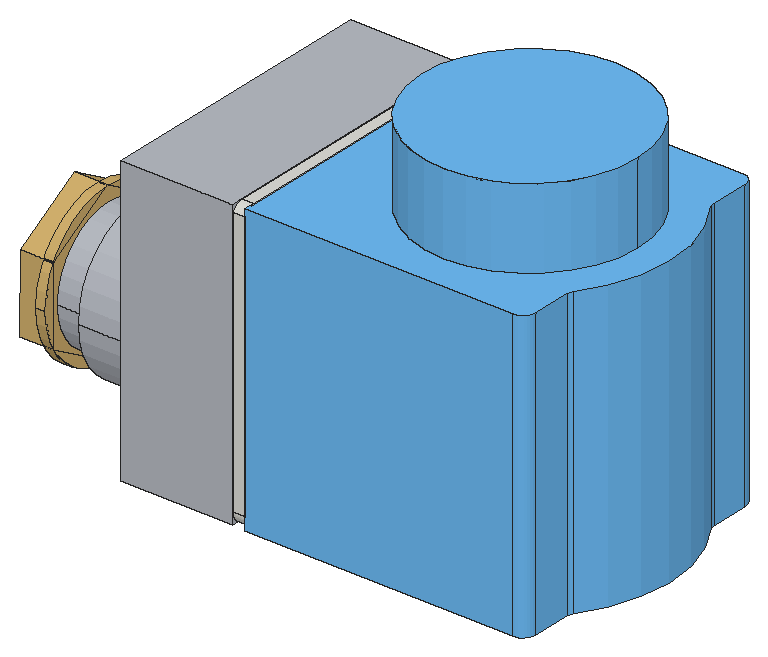
Revit family "BE Coil_RFA", category Pipe Accessories, Revit 2019
Family settings
  Round Connector Dimension = Use Diameter
  Part Type = Normal
  OmniClass Number = 23.65.55.14.17
  OmniClass Title = Adjusting/Controlling Valves for Liquid Services
  Work Plane-Based = No
  Always vertical = Yes
  Cut with Voids When Loaded = No
  Shared = Yes
Parameters (values of type "BE024AS_24V_AC_018F6707")
  Weight = 0.30 kg  # constant formula
  W = 45.5 mm  # constant formula
  Voltage [instance] = 24 V
  URL = "https://store.danfoss.com/en/Climate-Solutions-for-cooling/Valves/Valve-Coils/Coils-for-Solenoid-Valves/c/2220?q=%3Arelevance%3Adanfoss_producttypehierarchydesc%3ABE024AS%3Adanfoss_producttypehierarchydesc%3ABE230AS%3Adanfoss_producttypehierarchydesc%3ABE240AS%3Adanfoss_producttypehierarchydesc%3ABE110CS%3Adanfoss_producttypehierarchydesc%3ABE230CS%3Adanfoss_producttypehierarchydesc%3ABE024DS&text="
  Power [instance] = 21 VA
  Model Type = "BE024AS_24V_AC"
  Model = "018F6707"
  Min Ambient Temperature = "-40 °C"  # constant formula
  Max Ambient Temperature = "80 °C"
  Manufacturer = "Danfoss"  # constant formula
  LOD 350 [instance] = not(LOD 200)  # yes
  LOD 200 [instance] = no
  L1 = 53.2 mm  # constant formula
  L = 94.5 mm  # constant formula
  IfcExportType = "BE Coil"  # constant formula
  IfcExportAs = "IfcValveType"  # constant formula
  H = 58.5 mm  # constant formula
  Function = "NC/NO"
  Frequency = 50 Hz
  Description = "Solenoid Coil"  # constant formula
  Body Material = Danfoss Plastic Light Blue
Types (7, lengths in mm): name | Voltage | Power | Model Type | Model | Max Ambient Temperature | Frequency
  (no name) | 24 V | 21 VA | "BE024AS_24V_AC" | "018F6707" | "80 °C" | 50 Hz
  BE230AS_230V_AC_018F6701 | 230 V | 22 VA | "BE230AS_230V_AC" | "018F6701" | "80 °C" | 50 Hz
  BE024AS_24V_AC_018F6707 | 24 V | 21 VA | "BE024AS_24V_AC" | "018F6707" | "80 °C" | 50 Hz
  BE110CS_110V_AC_018F6730 | 110 V | 28 VA | "BE110CS_110V_AC" | "018F6730" | "50 °C" | 50 Hz
  BE024DS_24V_DC_018F6757 | 24 V | 16 VA | "BE024DS_24V_DC" | "018F6757" | "50 °C" | 0 Hz
  BE240AS_240V_AC_018F6702 | 240 V | 19 VA | "BE240AS_240V_AC" | "018F6702" | "80 °C" | 50 Hz
  BE230CS_230V_AC_018F6732 | 230 V | 31 VA | "BE230CS_230V_AC" | "018F6732" | "50 °C" | 50 Hz
Reference planes
  plane 1 "Center (Front/Back)": y = 0
  plane 2: z = 0
  plane 3 "Center (Left/Right)": x = 0
  plane 4 "left": x = -72.2
  plane 5: z = 30.036
  plane 6: x = -53.019
  plane 7: z = 58.5
  plane 8: x = 22.3
  plane 9: x = -30.9
  plane 10: y = -22.75
  plane 11: y = 22.75
  plane 12: x = -27
Forms (mm)
  Extrusion 1, solid, material "Danfoss Plastic Light Blue" <- "Body Material", detail levels fine
    sketch origin (0, 0, 0) x (1, 0, 0) y (0, 1, 0)
      loop
        circle (0, 0) r 17.116
    from 45.74 to 58.5
  Extrusion 2, solid, material "Danfoss Plastic Light Blue" <- "Body Material", visible <- "LOD 350", detail levels fine
    sketch origin (0, 0, 0) x (1, 0, 0) y (0, 1, 0)
      loop
        line (15.5, 22.75) -> (-27, 22.75) -> (-27, -22.75) -> (15.5, -22.75)
        arc (15.5, -22.75) -> (16.914, -22.164) -> (17.5, -20.75) r 2
        line (17.5, -20.75) -> (17.5, -14.663)
        arc (17.5, -14.663) -> (17.572, -14.206) -> (17.782, -13.794) r 1.477
        arc (17.782, -13.794) -> (22.254, -0.031) -> (17.782, 13.732) r 23.416
        arc (17.782, 13.732) -> (17.572, 14.177) -> (17.5, 14.663) r 1.675
        line (17.5, 14.663) -> (17.5, 20.75)
        arc (17.5, 20.75) -> (16.914, 22.164) -> (15.5, 22.75) r 2
    from 0 to 45.74
  Extrusion 3, solid, material "Danfoss Plastic Light Blue" <- "Body Material", visible <- "LOD 350", detail levels fine
    sketch origin (0, 0, 0) x (1, 0, 0) y (0, 1, 0)
      loop
        arc (-17.5, 14.619) -> (-17.572, 14.14) -> (-17.825, 13.727) r 1.224
        arc (-17.825, 13.727) -> (-22.499, -0.004) -> (-17.825, -13.735) r 22.506
        arc (-17.825, -13.735) -> (-17.588, -14.173) -> (-17.5, -14.663) r 1.565
        line (-17.5, -14.663) -> (-17.5, 14.619)
    from 0 to 17.618
  Extrusion 4, solid, material "Danfoss Brass (Tin plated)", visible <- "LOD 350", detail levels fine
    sketch origin (-72.2, 0, 0) x (0, 1, 0) y (0, 0, 1)
      loop
        line (9.4, 33.399) -> (8.6, 33.399) -> (8.6, 27.199) -> (9.4, 27.199) -> (9.4, 33.399)
      loop
        line (-8.6, 33.399) -> (-9.4, 33.399) -> (-9.4, 27.199) -> (-8.6, 27.199) -> (-8.6, 33.399)
    from 26.988 to 72.2
  Extrusion 5, solid, material "Danfoss Brass (Tin plated)", visible <- "LOD 350", detail levels fine
    sketch origin (-72.2, 0, 0) x (0, 1, 0) y (0, 0, 1)
      loop
        line (3.15, 39.598) -> (-3.15, 39.598) -> (-3.15, 38.798) -> (3.15, 38.798) -> (3.15, 39.598)
    from 41.3 to 72.2
  Extrusion 6, solid, material "Danfoss Plastic Light Blue" <- "Body Material", visible <- "LOD 200", detail levels fine
    sketch origin (-6.303, 0, 0) x (1, 0, 0) y (0, 1, 0)
      loop
        line (28.603, 22.75) -> (-22.697, 22.75) -> (-22.697, -22.75) -> (28.603, -22.75) -> (28.603, 22.75)
    from 0 to 45.74
  Extrusion 7, solid, material "Danfoss Silicone White", visible <- "LOD 350", detail levels fine
    sketch origin (0, 0, 0) x (0, 1, 0) y (0, 0, 1)
      loop
        arc (-21.018, 45.74) -> (-22.018, 45.472) -> (-22.75, 44.74) r 2
        line (-22.75, 44.74) -> (-22.75, 2)
        arc (-22.75, 2) -> (-22.164, 0.586) -> (-20.75, 0) r 2
        line (-20.75, 0) -> (20.8, 0)
        arc (20.8, 0) -> (22.214, 0.586) -> (22.8, 2) r 2
        line (22.8, 2) -> (22.8, 43.74)
        arc (22.8, 43.74) -> (22.214, 45.154) -> (20.8, 45.74) r 2
        line (20.8, 45.74) -> (-21.018, 45.74)
    from -29 to -27
Dimensions and locks
  "H": plane 7 to plane 2
  "W": plane 10 to plane 11
  "L1": plane 8 to plane 9
  plane 3 "Center (Left/Right)" to Extrusion 6 = 29 mm
  locked: plane 3 "Center (Left/Right)" to plane 12 at 27
  "L": plane 8 to plane 4 "left"
  plane 8 to plane 3 "Center (Left/Right)" = 22.3 mm
  radius of Extrusion 7 sketch curve = 2 mm  (x4)
  aligned and locked: level to plane 2
  aligned and locked: plane 3 "Center (Left/Right)" to Extrusion 4
  aligned and locked: plane 3 "Center (Left/Right)" to Extrusion 5
  aligned and locked: Extrusion 6 sketch curve to Extrusion 2  (x2)
  aligned and locked: plane 7 to Extrusion 1
  aligned and locked: plane 9 to Extrusion 5
  aligned and locked: plane 10 to Extrusion 6
  aligned and locked: plane 11 to Extrusion 6
  aligned and locked: plane 3 "Center (Left/Right)" to nested 1
  aligned and locked: plane 2 to nested 1
  aligned and locked: nested 1 to Extrusion 6
  aligned and locked: Extrusion 1 to Extrusion 6
  aligned and locked: Extrusion 2 to Extrusion 1
  aligned and locked: Extrusion 7 to nested 1
  aligned and locked: Extrusion 7 to Extrusion 2
  aligned and locked: plane 12 to Extrusion 7
  aligned and locked: plane 8 to Extrusion 6
  aligned and locked: Extrusion 6 to nested 1
  aligned and locked: Extrusion 7 sketch curve to Extrusion 2
  aligned and locked: plane 2 to Extrusion 7 sketch curve
Automatic sketch dimensions
  plane 1 "Center (Front/Back)" to Extrusion 1 sketch curve = 0 mm
  Extrusion 1 sketch curve to plane 3 "Center (Left/Right)" = 0 mm
  Extrusion 2 sketch curve to plane 3 "Center (Left/Right)" = 27 mm
  plane 1 "Center (Front/Back)" to Extrusion 2 sketch curve = 0.031 mm
  Extrusion 2 sketch curve to plane 3 "Center (Left/Right)" = 1.162 mm
  plane 3 "Center (Left/Right)" to Extrusion 2 sketch curve = 15.5 mm  (x2)
  Extrusion 2 sketch curve to Extrusion 2 sketch curve = 2 mm  (x2)
  Extrusion 2 sketch curve to Extrusion 2 sketch curve = 1.477 mm
  Extrusion 2 sketch curve to Extrusion 2 sketch curve = 1.675 mm
  Extrusion 3 sketch curve to plane 3 "Center (Left/Right)" = 19.064 mm
  Extrusion 3 sketch curve to plane 3 "Center (Left/Right)" = 18.723 mm
  Extrusion 3 sketch curve to Extrusion 3 sketch curve = 1.564 mm
  plane 1 "Center (Front/Back)" to Extrusion 3 sketch curve = 0.004 mm
  plane 3 "Center (Left/Right)" to Extrusion 3 sketch curve = 0.007 mm
  Extrusion 3 sketch curve to Extrusion 3 sketch curve = 0.026 mm
  Extrusion 4 sketch curve to Extrusion 4 sketch curve = 0.8 mm  (x2)
  Extrusion 4 sketch curve to plane 5 = 2.837 mm  (x2)
  plane 5 to Extrusion 4 sketch curve = 3.363 mm  (x2)
  plane 1 "Center (Front/Back)" to Extrusion 5 sketch curve = 3.15 mm
  Extrusion 5 sketch curve to plane 1 "Center (Front/Back)" = 3.15 mm
  plane 5 to Extrusion 5 sketch curve = 8.762 mm
  Extrusion 5 sketch curve to Extrusion 5 sketch curve = 0.8 mm
  plane 3 "Center (Left/Right)" to Extrusion 6 sketch curve = 22.3 mm
  plane 1 "Center (Front/Back)" to Extrusion 2 sketch curve = 14.663 mm
  plane 1 "Center (Front/Back)" to Extrusion 3 sketch curve = 14.663 mm
  plane 1 "Center (Front/Back)" to Extrusion 4 sketch curve = 8.6 mm
  Extrusion 2 sketch curve to plane 1 "Center (Front/Back)" = 14.663 mm
  Extrusion 2 sketch curve to Extrusion 2 sketch curve = 0.282 mm
  Extrusion 3 sketch curve to plane 1 "Center (Front/Back)" = 14.559 mm
  Extrusion 3 sketch curve to Extrusion 3 sketch curve = 0.06 mm
  Extrusion 3 sketch curve to Extrusion 3 sketch curve = 0.325 mm
  Extrusion 4 sketch curve to plane 1 "Center (Front/Back)" = 8.6 mm
  Extrusion 2 sketch curve to plane 11 = 0 mm
  Extrusion 2 sketch curve to plane 10 = 0 mm
  plane 9 to Extrusion 6 sketch curve = 1.9 mm
  Extrusion 7 sketch curve to plane 10 = 0 mm
  plane 11 to Extrusion 7 sketch curve = 0.05 mm
  plane 10 to Extrusion 7 sketch curve = 1.732 mm
  radius of Extrusion 1 sketch curve = 17.116 mm
Nested families
  nested 1: "Cable plug built-in" at (0, 0, 14), LOD 200 <- "LOD 200", type "Cable plug built-in", detail levels fine
    with LOD 350 yes, LOD 200 no
Definition of nested family "Cable plug built-in"
  Parameters (values of type "Cable plug built-in")
    W = 46 mm
    URL = ""
    Model Type = ""
    Model = ""
    Manufacturer = "Danfoss"  # constant formula
    LOD 350 [instance] = not(LOD 200)  # yes
    LOD 200 [instance] = no
    L = 43.3 mm
    H = 28 mm
    Description = ""
    Body Material = none
  Reference planes
    plane 1 "Center (Front/Back)": y = 0
    plane 2: z = 0
    plane 3 "Center (Left/Right)": x = 0
    plane 4: z = 14
    plane 5: x = -72.266
    plane 6: y = 23
    plane 7: z = -14
    plane 8: y = -23
    plane 9: z = 0
    plane 10: x = -29
    plane 11: z = -1.35
  Forms (mm)
    Extrusion 1, solid, material <- "Body Material"
      sketch origin (0, 0, 0) x (1, 0, 0) y (0, 1, 0)
        loop
          line (-29, 22.8) -> (-46.695, 22.8) -> (-46.695, -22.8) -> (-29, -22.8) -> (-29, 22.8)
      from -13.814 to 31.74
    Extrusion 2, solid, material <- "Body Material", visible <- "LOD 350"
      sketch origin (-64, 0, 0) x (0, 1, 0) y (0, 0, 1)
        loop
          circle (0, -1.35) r 12.464
      from 2.278 to 17.305
    Extrusion 3, solid, material <- "Body Material", visible <- "LOD 350"
      sketch origin (-64, 0, 0) x (0, 1, 0) y (0, 0, 1)
        loop
          circle (0, -1.35) r 10.2
      from -2.986 to 2.278
    Extrusion 4, solid, visible <- "LOD 350"
      sketch origin (-64, 0, 0) x (0, 1, 0) y (0, 0, 1)
        loop
          circle (0, -1.35) r 12.464
      from -4.5 to -2.986
    Extrusion 5, solid, visible <- "LOD 350"
      sketch origin (-64, 0, 0) x (0, 1, 0) y (0, 0, 1)
        loop
          line (10.8, 4.885) -> (0, 11.121) -> (-10.8, 4.885) -> (-10.8, -7.585) -> (0, -13.821) -> (10.8, -7.585) -> (10.8, 4.885)
      from -8.266 to -2.986
    Extrusion 6, solid, material <- "Body Material", visible <- "LOD 200"
      sketch origin (-64, 0, 0) x (0, 1, 0) y (0, 0, 1)
        loop
          circle (0, -1.35) r 12.464
      from -8.266 to 17.305
  Dimensions and locks
    "H": plane 4 to plane 7
    locked: Extrusion 1 sketch curve to plane 10 at 17.695
    Extrusion 1 to plane 7 = 0.186 mm
    equal spacing: plane 6, plane 1 "Center (Front/Back)", plane 8
    "W": plane 6 to plane 8
    equal spacing: Extrusion 1 sketch curve, plane 1 "Center (Front/Back)", Extrusion 1 sketch curve
    Extrusion 1 sketch curve to Extrusion 1 sketch curve = 45.6 mm
    locked: plane 9 to plane 11 at 1.35
    plane 10 to plane 5 = 43.266 mm
    radius of Extrusion 3 sketch curve = 10.2 mm
    aligned and locked: level to plane 2
    aligned and locked: plane 2 to plane 9
    aligned and locked: Extrusion 2 to Extrusion 1
    aligned and locked: Extrusion 3 to Extrusion 2
    aligned and locked: Extrusion 4 to Extrusion 3
    aligned and locked: Extrusion 5 to plane 5
    aligned and locked: Extrusion 6 sketch curve to Extrusion 4  (x2)
    aligned and locked: Extrusion 6 to plane 5
    aligned and locked: Extrusion 6 to Extrusion 1
  Automatic sketch dimensions
    Extrusion 1 sketch curve to plane 10 = 0 mm
    plane 8 to Extrusion 1 sketch curve = 0.2 mm
    Extrusion 2 sketch curve to plane 1 "Center (Front/Back)" = 0 mm
    Extrusion 2 sketch curve to plane 11 = 0 mm
    Extrusion 3 sketch curve to plane 1 "Center (Front/Back)" = 0 mm
    Extrusion 3 sketch curve to plane 11 = 0 mm
    Extrusion 4 sketch curve to plane 1 "Center (Front/Back)" = 0 mm
    Extrusion 4 sketch curve to plane 11 = 0 mm
    radius of Extrusion 2 sketch curve = 12.464 mm
    radius of Extrusion 4 sketch curve = 12.464 mm
